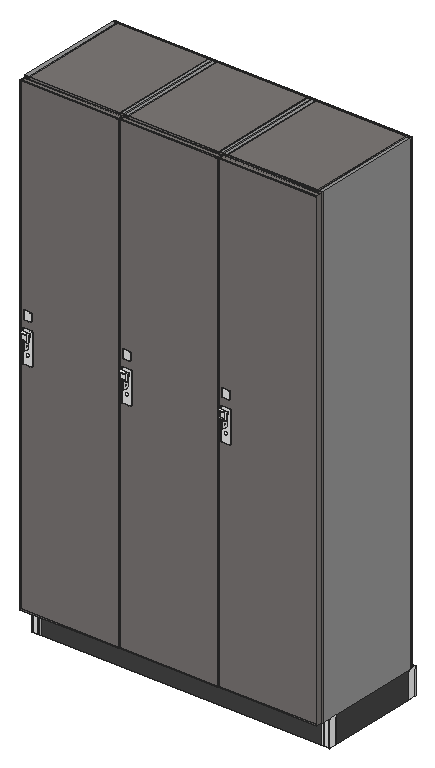
Revit family "Wood_Lockers_Hasps-Salsbury_Industries-15_41000_Series-3_Wide_Units.rfa", category Specialty Equipment, Revit 2016 (continued)
Definition of nested family "Wood Locker Flat Corner Fillers"
  Forms (in)
    Extrusion 2, solid, material <- "Laminate Surface", visible <- "Visible"
      from -0.031 to 0
  Dimensions and locks (in)
    equal spacing: plane 6 "Front Side", plane 1 "Center (Front/Back)", plane 7 "Back Side"
    equal spacing: plane 5 "Left Side", plane 3 "Center (Left/Right)", plane 4 "Right Side"
    "Width": plane 5 "Left Side" to plane 4 "Right Side"
    "Depth": plane 6 "Front Side" to plane 7 "Back Side"
    "Height": plane 9 "Top Side" to plane 8 "Bottom"
    locked: plane 9 "Top Side" to plane 10 "Wood - Laminate Line" at 0.031
    locked: plane 6 "Front Side" to plane 12 at 3
    locked: plane 5 "Left Side" to plane 11 at 3
    plane 12 to plane 7 "Back Side" = 13.875"
    aligned and locked: level to plane 2
  Automatic sketch dimensions
    Extrusion 2 sketch curve to plane 5 "Left Side" = 0.000"
    plane 6 "Front Side" to Extrusion 2 sketch curve = 0.000"
    Extrusion 2 sketch curve to plane 11 = 0.000"
    Extrusion 2 sketch curve to plane 4 "Right Side" = 0.000"
    Extrusion 2 sketch curve to plane 12 = 0.000"
    plane 7 "Back Side" to Extrusion 2 sketch curve = 0.000"
    Extrusion 1 sketch curve to plane 5 "Left Side" = 0.000"
    plane 7 "Back Side" to Extrusion 1 sketch curve = 0.000"
    Extrusion 1 sketch curve to plane 12 = 0.000"
    Extrusion 1 sketch curve to plane 4 "Right Side" = 0.000"
    plane 6 "Front Side" to Extrusion 1 sketch curve = 0.000"
    Extrusion 1 sketch curve to plane 11 = 0.000"
Definition of nested family "Wood Locker Front Fillers"
  Parameters (values of type "33367 - 15" W for 6'H Lockers without Base")
    Width = 15.000"
    Visible Base = no
    Visible = yes
    Version = "1.0 (2/29/16)"
    Type Comments = "Front Vertical Filler for Designer Wood Lockers"
    Model = "33367"
    Manufacturer = "Salsbury Industries"
    Laminate Surface = none
    Height = 72.000"
    Description = "For 6' H Lockers"
    Depth = 0.750"
    Base Height = 0.000"
  Types (18): name | Width | Visible Base | Visible | Version | Type Comments | Model | Manufacturer | Height | Description | Base Height
    (no name) | 15.000" | no | yes | "1.0 (2/29/16)" | "Front Vertical Filler for Designer Wood Lockers" | "33367" | "Salsbury Industries" | 72.000" | "For 6' H Lockers" | 0.000"
    33367 - 15"W for 6' H Lockers with Base | 15.000" | yes | yes | "1.0 (2/29/16)" | "Front Vertical Filler for Designer Wood Lockers" | "33367" | "Salsbury Industries" | 72.000" | "For 6' H Lockers" | 4.000"
    None | 15.000" | no | no | "" | "" | "" | "" | 72.000" | "" | 4.000"
    33369 - 9" W for 6' H Lockers with Base | 9.000" | yes | yes | "1.0 (2/29/16)" | "Front Vertical Filler for Designer Wood Lockers" | "33369" | "Salsbury Industries" | 72.000" | "For 6' H Lockers" | 4.000"
    33367 - 15" W for 5' H Lockers with Base | 15.000" | yes | yes | "1.0 (2/29/16)" | "Front Vertical Filler for Designer Wood Lockers" | "33367" | "Salsbury Industries" | 60.000" | "For 5' H Lockers" | 4.000"
    33369 - 9" W for 5' H Lockers with Base | 9.000" | yes | yes | "1.0 (2/29/16)" | "Front Vertical Filler for Designer Wood Lockers" | "33369" | "Salsbury Industries" | 60.000" | "For 5' H Lockers" | 4.000"
    22265 - 15" W for 6' H Lockers with Base | 15.000" | yes | yes | "1.0 (2/29/16)" | "Front Vertical Filler for Extra Wide Designer Wood Lockers" | "22265" | "Salsbury Industries" | 72.000" | "For 6' H Lockers" | 4.000"
    22265 - 15" W for 5' H Lockers with Base | 15.000" | yes | yes | "1.0 (2/29/16)" | "Front Vertical Filler for Extra Wide Designer Wood Lockers" | "22265" | "Salsbury Industries" | 60.000" | "For 5' H Lockers" | 4.000"
    22269 - 9" W for 6' H Lockers with Base | 9.000" | yes | yes | "1.0 (2/29/16)" | "Front Vertical Filler for Extra Wide Designer Wood Lockers" | "22269" | "Salsbury Industries" | 72.000" | "For 6' H Lockers" | 4.000"
    22269 - 9" W for 5' H Lockers with Base | 9.000" | yes | yes | "1.0 (2/29/16)" | "Front Vertical Filler for Extra Wide Designer Wood Lockers" | "22269" | "Salsbury Industries" | 60.000" | "For 5' H Lockers" | 4.000"
    33367 - 15" W for 6'H Lockers without Base | 15.000" | no | yes | "1.0 (2/29/16)" | "Front Vertical Filler for Designer Wood Lockers" | "33367" | "Salsbury Industries" | 72.000" | "For 6' H Lockers" | 0.000"
    33367 - 15" W for 5' H Lockers without Base | 15.000" | no | yes | "1.0 (2/29/16)" | "Front Vertical Filler for Designer Wood Lockers" | "33367" | "Salsbury Industries" | 60.000" | "For 5' H Lockers" | 0.000"
    33369 - 9" W for 5' H Lockers without Base | 9.000" | no | yes | "1.0 (2/29/16)" | "Front Vertical Filler for Designer Wood Lockers" | "33369" | "Salsbury Industries" | 60.000" | "For 5' H Lockers" | 0.000"
    33369 - 9" W for 6' H Lockers without Base | 9.000" | no | yes | "1.0 (2/29/16)" | "Front Vertical Filler for Designer Wood Lockers" | "33369" | "Salsbury Industries" | 72.000" | "For 6' H Lockers" | 0.000"
    22269 - 9" W for 6' H Lockers without Base | 9.000" | no | yes | "1.0 (2/29/16)" | "Front Vertical Filler for Extra Wide Designer Wood Lockers" | "22269" | "Salsbury Industries" | 72.000" | "For 6' H Lockers" | 0.000"
    22269 - 9" W for 5' H Lockers without Base | 9.000" | no | yes | "1.0 (2/29/16)" | "Front Vertical Filler for Extra Wide Designer Wood Lockers" | "22269" | "Salsbury Industries" | 60.000" | "For 5' H Lockers" | 0.000"
    22265 - 15" W for 6' H Lockers without Base | 15.000" | no | yes | "1.0 (2/29/16)" | "Front Vertical Filler for Extra Wide Designer Wood Lockers" | "22265" | "Salsbury Industries" | 72.000" | "For 6' H Lockers" | 0.000"
    22265 - 15" W for 5' H Lockers without Base | 15.000" | no | yes | "1.0 (2/29/16)" | "Front Vertical Filler for Extra Wide Designer Wood Lockers" | "22265" | "Salsbury Industries" | 60.000" | "For 5' H Lockers" | 0.000"
  Reference planes (in)
    plane 1 "Center (Front/Back)": y = 0
    plane 2: z = 0
    plane 3 "Center (Left/Right)": x = 0
    plane 4 "Back": y = 0.375
    plane 5 "Front": y = -0.375
    plane 6 "Left Side": x = -7.5
    plane 7 "Right Side": x = 7.5
    plane 8 "Bottom": z = 0
    plane 9 "Top": z = 72
    plane 10 "Center Elevation": z = 36
    plane 11 "Wood - Laminate Edge": y = -0.344
    plane 12 "Right Side of Wood": x = 7.375
    plane 13 "Left Side of Wood": x = -7.375
    plane 14 "Top of Wood": z = 71.875
    plane 15 "Bottom of Wood": z = 0.125
    plane 16 "Front of Base Filler": y = 1
  Forms (in)
    Extrusion 1, solid, visible <- "Visible"
      sketch origin (0, 0.375, 0) x (1, 0, 0) y (0, 0, 1)
        loop
          line (7.5, 72) -> (-7.5, 72) -> (-7.5, 0) -> (7.5, 0) -> (7.5, 72)
      from 0 to 0.719
    Extrusion 2, solid, material <- "Laminate Surface", visible <- "Visible"
      sketch origin (0, -0.375, 0) x (1, 0, 0) y (0, 0, 1)
        loop
          line (-7.5, 72) -> (-7.5, 0) -> (7.5, 0) -> (7.5, 72) -> (-7.5, 72)
      from -0.031 to 0
    Extrusion 3, solid, visible <- "Visible Base"
      sketch origin (0, 0, 0) x (1, 0, 0) y (0, 1, 0)
        loop
          line (-7.5, 1.75) -> (-7.5, 0.375) -> (7.5, 0.375) -> (7.5, 1.75) -> (-7.5, 1.75)
      from 0 to 0.75
    Extrusion 4, solid, visible <- "Visible Base"
      sketch origin (0, 0, 0) x (1, 0, 0) y (0, 1, 0)
        loop
          line (-7.5, 1.75) -> (-7.5, 1) -> (7.5, 1) -> (7.5, 1.75) -> (-7.5, 1.75)
      from 0 to -4
  Dimensions and locks (in)
    equal spacing: plane 6 "Left Side", plane 3 "Center (Left/Right)", plane 7 "Right Side"
    plane 5 "Front" to plane 1 "Center (Front/Back)" to plane 4 "Back" = 0.375", 0.375"
    "Width": plane 6 "Left Side" to plane 7 "Right Side"
    "Depth": plane 5 "Front" to plane 4 "Back"
    equal spacing: plane 9 "Top", plane 10 "Center Elevation", plane 8 "Bottom"
    locked: plane 5 "Front" to plane 11 "Wood - Laminate Edge" at 0.031
    locked: plane 15 "Bottom of Wood" to plane 8 "Bottom" at 0.125
    locked: plane 12 "Right Side of Wood" to plane 7 "Right Side" at 0.125
    locked: plane 6 "Left Side" to plane 13 "Left Side of Wood" at 0.125
    locked: plane 9 "Top" to plane 14 "Top of Wood" at 0.125
    locked: plane 5 "Front" to plane 16 "Front of Base Filler" at 1.375
    "Base Height": plane 8 "Bottom" to plane 2
    "Height": plane 9 "Top" to plane 8 "Bottom"
    aligned and locked: level to plane 2
    aligned and locked: plane 8 "Bottom" to Extrusion 1
  Automatic sketch dimensions
    plane 6 "Left Side" to Extrusion 1 sketch curve = 0.000"
    plane 7 "Right Side" to Extrusion 1 sketch curve = 0.000"
    level to Extrusion 1 sketch curve = 0.000"
    Extrusion 1 sketch curve to plane 9 "Top" = 0.000"
    plane 6 "Left Side" to Extrusion 2 sketch curve = 0.000"
    plane 7 "Right Side" to Extrusion 2 sketch curve = 0.000"
    plane 15 "Bottom of Wood" to Extrusion 2 sketch curve = 0.125"
    Extrusion 2 sketch curve to plane 9 "Top" = 0.000"
    plane 4 "Back" to Extrusion 3 sketch curve = 0.000"
    Extrusion 3 sketch curve to plane 6 "Left Side" = 0.000"
    Extrusion 3 sketch curve to plane 7 "Right Side" = 0.000"
    Extrusion 3 sketch curve to plane 16 "Front of Base Filler" = 0.750"
    Extrusion 4 sketch curve to plane 6 "Left Side" = 0.000"
    Extrusion 4 sketch curve to plane 7 "Right Side" = 0.000"
    plane 16 "Front of Base Filler" to Extrusion 4 sketch curve = 0.000"
    Extrusion 4 sketch curve to plane 16 "Front of Base Filler" = 0.750"
Definition of nested family "Wood Locker Front Corner Filler"
  Parameters (values of type "44464 - for 6' H Lockers with Base")
    Width = 2.250"
    Visible Base = yes
    Visible = yes
    Version = "1.0 (12/15/23)"
    Type Comments = "Front Vertical Corner Filler for Designer Wood Lockers"
    Primary Structure Materials = none
    Model = "44464"
    Manufacturer = "Salsbury Industries"
    Laminate Surface = none
    Height = 72.000"
    Description = "For 6' H Lockers"
    Depth = 0.750"
    Base Primary Materials = none
    Base Height = 4.000"
  Types (3): name | Visible Base | Visible | Version | Type Comments | Model | Manufacturer | Description | Base Height
    None | no | no | "" | "" | "" | "" | "" | 4.000"
    44464 - for 6'H Lockers without Base | no | yes | "1.0 (12/15/23)" | "Front Vertical Corner Filler for Designer Wood Lockers" | "44464" | "Salsbury Industries" | "For 6' H Lockers" | 0.000"
    44464 - for 6' H Lockers with Base | yes | yes | "1.0 (12/15/23)" | "Front Vertical Corner Filler for Designer Wood Lockers" | "44464" | "Salsbury Industries" | "For 6' H Lockers" | 4.000"
  Reference planes (in)
    plane 1 "Center (Front/Back)": y = 0
    plane 2 "Bottom of Base": z = 0
    plane 3 "Center (Left/Right)": x = 0
    plane 4 "Back": y = 0.375
    plane 5 "Front": y = -0.375
    plane 6 "Left Side": x = -1.125
    plane 7 "Right Side": x = 1.125
    plane 8 "Bottom": z = 4
    plane 9 "Top": z = 76
    plane 10 "Center Elevation": z = 40
    plane 11 "Wood - Laminate Edge": y = -0.344
    plane 12 "Right Side of Wood": x = 1
    plane 13 "Left Side of Wood": x = -1
    plane 14 "Top of Wood": z = 75.875
    plane 15 "Bottom of Wood": z = 4.125
    plane 16 "Front of Base Filler": y = 1
  Forms (in)
    Extrusion 1, solid, material <- "Primary Structure Materials", visible <- "Visible"
      sketch origin (0, 0.375, 0) x (1, 0, 0) y (0, 0, 1)
        loop
          line (1.125, 76) -> (-1.156, 76) -> (-1.156, 4) -> (1.125, 4) -> (1.125, 76)
      from 0 to 0.719
    Extrusion 2, solid, material <- "Laminate Surface", visible <- "Visible"
      sketch origin (0, -0.375, 0) x (1, 0, 0) y (0, 0, 1)
        loop
          line (-1.125, 76) -> (-1.125, 4) -> (1.125, 4) -> (1.125, 76) -> (-1.125, 76)
      from -0.031 to 0
    Extrusion 3, solid, material <- "Primary Structure Materials", visible <- "Visible"
      sketch origin (-1.875, -1.5, 0) x (0, 1, 0) y (0, 0, 1)
        loop
          line (1.875, 76) -> (-1.125, 76) -> (-1.125, 4) -> (1.875, 4) -> (1.875, 76)
      from 0 to 0.719
    Extrusion 4, solid, material <- "Laminate Surface", visible <- "Visible"
      sketch origin (-1.125, -1.5, 0) x (0, 1, 0) y (0, 0, 1)
        loop
          line (-1.125, 76) -> (-1.125, 4) -> (1.156, 4) -> (1.156, 76) -> (-1.125, 76)
      from -0.031 to 0
    Extrusion 5, solid, material <- "Base Primary Materials", visible <- "Visible Base"
      sketch origin (0, 0, 0) x (1, 0, 0) y (0, 1, 0)
        loop
          line (-3.25, 1.75) -> (-3.25, -2.625) -> (-1.875, -2.625) -> (-1.875, 1.75) -> (-3.25, 1.75)
      from 4 to 4.75
    Extrusion 6, solid, material <- "Base Primary Materials", visible <- "Visible Base"
      sketch origin (0, 0, 0) x (1, 0, 0) y (0, 1, 0)
        loop
          line (-1.875, 1.75) -> (-1.875, 0.375) -> (1.125, 0.375) -> (1.125, 1.75) -> (-1.875, 1.75)
      from 4 to 4.75
    Extrusion 7, solid, material <- "Base Primary Materials", visible <- "Visible Base"
      sketch origin (0, 0, 0) x (1, 0, 0) y (0, 1, 0)
        loop
          line (1.125, 1.75) -> (-2.43407, 1.75) -> (-2.43407, 1) -> (1.125, 1) -> (1.125, 1.75)
      from 0 to 4
    Extrusion 8, solid, material <- "Base Primary Materials", visible <- "Visible Base"
      sketch origin (0, 0, 0) x (1, 0, 0) y (0, 1, 0)
        loop
          line (-3.25, 1.75) -> (-3.25, -2.625) -> (-2.43407, -2.625) -> (-2.43407, 1.75) -> (-3.25, 1.75)
      from 0 to 4
  Dimensions and locks (in)
    equal spacing: plane 6 "Left Side", plane 3 "Center (Left/Right)", plane 7 "Right Side"
    plane 5 "Front" to plane 1 "Center (Front/Back)" to plane 4 "Back" = 0.375", 0.375"
    "Width": plane 6 "Left Side" to plane 7 "Right Side"
    "Depth": plane 5 "Front" to plane 4 "Back"
    equal spacing: plane 9 "Top", plane 10 "Center Elevation", plane 8 "Bottom"
    "Height": plane 9 "Top" to plane 8 "Bottom"
    locked: plane 5 "Front" to plane 11 "Wood - Laminate Edge" at 0.031
    locked: plane 15 "Bottom of Wood" to plane 8 "Bottom" at 0.125
    locked: plane 12 "Right Side of Wood" to plane 7 "Right Side" at 0.125
    locked: plane 6 "Left Side" to plane 13 "Left Side of Wood" at 0.125
    locked: plane 9 "Top" to plane 14 "Top of Wood" at 0.125
    locked: plane 5 "Front" to plane 16 "Front of Base Filler" at 1.375
    "Base Height": plane 8 "Bottom" to plane 2 "Bottom of Base"
    aligned and locked: level to plane 2 "Bottom of Base"
    aligned and locked: plane 8 "Bottom" to Extrusion 1
    aligned and locked: Extrusion 7 to Extrusion 5
    aligned and locked: Extrusion 8 to Extrusion 5
    aligned and locked: Extrusion 7 to Extrusion 8
  Automatic sketch dimensions
    Extrusion 1 sketch curve to plane 9 "Top" = 0.000"
    Extrusion 1 sketch curve to plane 8 "Bottom" = 0.000"
    plane 7 "Right Side" to Extrusion 1 sketch curve = 0.000"
    plane 6 "Left Side" to Extrusion 1 sketch curve = 0.031"
    plane 6 "Left Side" to Extrusion 2 sketch curve = 0.000"
    plane 7 "Right Side" to Extrusion 2 sketch curve = 0.000"
    Extrusion 2 sketch curve to plane 8 "Bottom" = 0.000"
    Extrusion 2 sketch curve to plane 9 "Top" = 0.000"
    plane 9 "Top" to Extrusion 3 sketch curve = 0.000"
    plane 8 "Bottom" to Extrusion 3 sketch curve = 0.000"
    Extrusion 3 sketch curve to plane 4 "Back" = 0.000"
    plane 5 "Front" to Extrusion 3 sketch curve = 2.250"
    plane 8 "Bottom" to Extrusion 4 sketch curve = 0.000"
    plane 9 "Top" to Extrusion 4 sketch curve = 0.000"
    Extrusion 4 sketch curve to plane 11 "Wood - Laminate Edge" = 0.000"
    plane 5 "Front" to Extrusion 4 sketch curve = 2.250"
    plane 6 "Left Side" to Extrusion 5 sketch curve = 2.125"
    plane 6 "Left Side" to Extrusion 5 sketch curve = 0.750"
    plane 5 "Front" to Extrusion 5 sketch curve = 2.250"
    Extrusion 5 sketch curve to plane 16 "Front of Base Filler" = 0.750"
    plane 16 "Front of Base Filler" to Extrusion 7 sketch curve = 0.000"
    Extrusion 7 sketch curve to plane 7 "Right Side" = 0.000"
    plane 6 "Left Side" to Extrusion 7 sketch curve = 1.30907"
    Extrusion 7 sketch curve to plane 16 "Front of Base Filler" = 0.750"
    plane 6 "Left Side" to Extrusion 8 sketch curve = 2.125"
    Extrusion 8 sketch curve to Extrusion 8 sketch curve = 0.81593"
    plane 5 "Front" to Extrusion 8 sketch curve = 2.250"
    Extrusion 8 sketch curve to plane 16 "Front of Base Filler" = 0.750"
    plane 4 "Back" to Extrusion 6 sketch curve = 0.000"
    Extrusion 6 sketch curve to plane 7 "Right Side" = 0.000"
    plane 6 "Left Side" to Extrusion 6 sketch curve = 0.750"
    Extrusion 6 sketch curve to plane 16 "Front of Base Filler" = 0.750"
Definition of nested family "Wood Locker Flat In-Line Fillers"
  Parameters (values of type "44448 - 15" W for 18" D Lockers")
    Width = 15.000"
    Visible = yes
    Version = "1.0 (12/15/23)"
    Type Comments = "Flat Top In-Line Filler for Premier Wood Lockers"
    Model = "44448"
    Manufacturer = "Salsbury Industries"
    Laminate Surface = none
    Height = 0.750"
    Description = "For 18\" D Lockers"
    Depth = 16.875"
  Types (10): name | Width | Visible | Version | Type Comments | Model | Manufacturer | Description | Depth
    (no name) | 15.000" | yes | "1.0 (12/15/23)" | "Flat Top In-Line Filler for Premier Wood Lockers" | "44448" | "Salsbury Industries" | "For 18\" D Lockers" | 16.875"
    44447 - 15" W for 15" D Lockers | 15.000" | yes | "1.0 (12/15/23)" | "Flat Top In-Line Filler for Premier Wood Lockers" | "44447" | "Salsbury Industries" | "For 15\" D Lockers" | 13.875"
    44448 - 15" W for 18" D Lockers | 15.000" | yes | "1.0 (12/15/23)" | "Flat Top In-Line Filler for Premier Wood Lockers" | "44448" | "Salsbury Industries" | "For 18\" D Lockers" | 16.875"
    44441 - 15" W for 21" D Lockers | 15.000" | yes | "1.0 (12/15/23)" | "Flat Top In-Line Filler for Premier Wood Lockers" | "44441" | "Salsbury Industries" | "For 21\" D Lockers" | 19.875"
    None | 15.000" | no | "" | "" | "" | "" | "" | 13.250"
    44448 - 9" W for 18" D Lockers | 9.000" | yes | "1.0 (12/15/23)" | "Flat Top In-Line Filler for Premier Wood Lockers" | "44448" | "Salsbury Industries" | "For 18\" D Lockers" | 16.875"
    44447 - 9" W for 15" D Lockers | 9.000" | yes | "1.0 (12/15/23)" | "Flat Top In-Line Filler for Premier Wood Lockers" | "44447" | "Salsbury Industries" | "For 15\" D Lockers" | 13.875"
    44441 - 9" W for 21" D Lockers | 9.000" | yes | "1.0 (12/15/23)" | "Flat Top In-Line Filler for Premier Wood Lockers" | "44441" | "Salsbury Industries" | "For 21\" D Lockers" | 19.875"
    44449 - 15" W for 24" D Lockers | 15.000" | yes | "1.0 (12/15/23)" | "Flat Top In-Line Filler for Premier Wood Lockers" | "44449" | "Salsbury Industries" | "For 24\" D Lockers" | 22.875"
    44449 - 9" W for 24" D Lockers | 9.000" | yes | "1.0 (12/15/23)" | "Flat Top In-Line Filler for Premier Wood Lockers" | "44449" | "Salsbury Industries" | "For 24\" D Lockers" | 22.875"
  Reference planes (in)
    plane 1 "Center (Front/Back)": y = 0
    plane 2: z = 0
    plane 3 "Center (Left/Right)": x = 0
    plane 4 "Right Side": x = 7.5
    plane 5 "Left Side": x = -7.5
    plane 6 "Front Side": y = -8.4375
    plane 7 "Back Side": y = 8.4375
    plane 8 "Bottom": z = 0
    plane 9 "Top Side": z = 0.75
    plane 10 "Wood - Laminate Line": z = 0.719
  Forms (in)
    Extrusion 1, solid, visible <- "Visible"
      sketch origin (0, 0, 0) x (0, -1, 0) y (1, 0, 0)
        loop
          line (-8.4375, -7.5) -> (8.4375, -7.5) -> (8.4375, 7.5) -> (-8.4375, 7.5) -> (-8.4375, -7.5)
      from 0 to 0.719
    Extrusion 2, solid, material <- "Laminate Surface", visible <- "Visible"
      sketch origin (0, 0, 0.75) x (1, 0, 0) y (0, 1, 0)
        loop
          line (-7.5, -8.4375) -> (7.5, -8.4375) -> (7.5, 8.4375) -> (-7.5, 8.4375) -> (-7.5, -8.4375)
      from -0.031 to 0
  Dimensions and locks (in)
    equal spacing: plane 6 "Front Side", plane 1 "Center (Front/Back)", plane 7 "Back Side"
    equal spacing: plane 5 "Left Side", plane 3 "Center (Left/Right)", plane 4 "Right Side"
    "Width": plane 5 "Left Side" to plane 4 "Right Side"
    "Depth": plane 6 "Front Side" to plane 7 "Back Side"
    "Height": plane 9 "Top Side" to plane 8 "Bottom"
    locked: plane 9 "Top Side" to plane 10 "Wood - Laminate Line" at 0.031
    aligned and locked: level to plane 2
  Automatic sketch dimensions
    Extrusion 1 sketch curve to plane 4 "Right Side" = 0.000"
    plane 7 "Back Side" to Extrusion 1 sketch curve = 0.000"
    Extrusion 1 sketch curve to plane 5 "Left Side" = 0.000"
    plane 6 "Front Side" to Extrusion 1 sketch curve = 0.000"
    Extrusion 2 sketch curve to plane 5 "Left Side" = 0.000"
    plane 4 "Right Side" to Extrusion 2 sketch curve = 0.000"
    plane 6 "Front Side" to Extrusion 2 sketch curve = 0.000"
    Extrusion 2 sketch curve to plane 7 "Back Side" = 0.000"
Definition of nested family "Wood Locker Fascia Fillers"
  Parameters (values of type "44462 - for 3-Wide Units")
    Width = 36.000"
    Visible = yes
    Type Comments = "Front Fascia Filler for Premier Wood Lockers"
    Model = "44462"
    Manufacturer = "Salsbury Industries"
    Laminate Surface = none
    Height = 4.000"
    Description = "4' W for Standard Designer Lockers"
    Depth = 0.750"
  Types (4): name | Width | Visible | Type Comments | Model | Manufacturer | Description
    (no name) | 36.000" | yes | "Front Fascia Filler for Premier Wood Lockers" | "44462" | "Salsbury Industries" | "4' W for Standard Designer Lockers"
    44462 - for 1-Wide Units | 12.000" | yes | "Front Fascia Filler for Premier Wood Lockers" | "44462" | "Salsbury Industries" | "4' W for Standard Designer Lockers"
    None | 12.000" | no | "" | "" | "" | ""
    44462 - for 3-Wide Units | 36.000" | yes | "Front Fascia Filler for Premier Wood Lockers" | "44462" | "Salsbury Industries" | "4' W for Standard Designer Lockers"
  Reference planes (in)
    plane 1 "Center (Front/Back)": y = 0
    plane 2: z = 0
    plane 3 "Center (Left/Right)": x = 0
    plane 4 "Back": y = 0.375
    plane 5 "Front": y = -0.375
    plane 6 "Left Side": x = -18
    plane 7 "Right Side": x = 18
    plane 8 "Bottom": z = 0
    plane 9 "Top": z = 4
    plane 10 "Center Elevation": z = 2
    plane 11 "Wood - Laminate Edge": y = -0.344
    plane 12 "Right Side of Wood": x = 17.875
    plane 13 "Left Side of Wood": x = -17.875
    plane 14 "Top of Wood": z = 3.875
    plane 15 "Bottom of Wood": z = 0.125
    plane 16 "Base Bottom": z = 0
    plane 17 "Front of Base Filler": y = 1
  Forms (in)
    Extrusion 1, solid, visible <- "Visible"
      sketch origin (0, 0.375, 0) x (1, 0, 0) y (0, 0, 1)
        loop
          line (18, 4) -> (-18, 4) -> (-18, 0) -> (18, 0) -> (18, 4)
      from 0 to 0.719
    Extrusion 2, solid, material <- "Laminate Surface", visible <- "Visible"
      sketch origin (0, -0.375, 0) x (1, 0, 0) y (0, 0, 1)
        loop
          line (-18, 4) -> (-18, 0) -> (18, 0) -> (18, 4) -> (-18, 4)
      from -0.031 to 0
  Dimensions and locks (in)
    equal spacing: plane 6 "Left Side", plane 3 "Center (Left/Right)", plane 7 "Right Side"
    plane 5 "Front" to plane 1 "Center (Front/Back)" to plane 4 "Back" = 0.375", 0.375"
    "Width": plane 6 "Left Side" to plane 7 "Right Side"
    "Depth": plane 5 "Front" to plane 4 "Back"
    equal spacing: plane 9 "Top", plane 10 "Center Elevation", plane 8 "Bottom"
    "Height": plane 9 "Top" to plane 8 "Bottom"
    locked: plane 5 "Front" to plane 11 "Wood - Laminate Edge" at 0.031
    locked: plane 15 "Bottom of Wood" to plane 8 "Bottom" at 0.125
    locked: plane 12 "Right Side of Wood" to plane 7 "Right Side" at 0.125
    locked: plane 6 "Left Side" to plane 13 "Left Side of Wood" at 0.125
    locked: plane 9 "Top" to plane 14 "Top of Wood" at 0.125
    locked: plane 5 "Front" to plane 17 "Front of Base Filler" at 1.375
    aligned and locked: level to plane 2
    aligned and locked: Extrusion 1 to plane 8 "Bottom"
  Automatic sketch dimensions
    plane 6 "Left Side" to Extrusion 1 sketch curve = 0.000"
    plane 7 "Right Side" to Extrusion 1 sketch curve = 0.000"
    level to Extrusion 1 sketch curve = 0.000"
    Extrusion 1 sketch curve to plane 9 "Top" = 0.000"
    plane 6 "Left Side" to Extrusion 2 sketch curve = 0.000"
    plane 7 "Right Side" to Extrusion 2 sketch curve = 0.000"
    plane 15 "Bottom of Wood" to Extrusion 2 sketch curve = 0.125"
    Extrusion 2 sketch curve to plane 9 "Top" = 0.000"
Definition of nested family "Wood Locker Sloping Hoods"
  Parameters (values of type "44257 - for 24" Deep Lockers (3 Wide)")
    Width = 45.000"
    Visible = yes
    Version = "1.0 (12/15/23)"
    Type Comments = "Sloping Hood for Premier Wod Lockers"
    Model = "44257"
    Manufacturer = "Salsbury Industries"
    Laminate Surface = none
    Height = 9.118"
    Description = "For 24\" D - 3 Wide Lockers"
    Depth = 23.625"
  Types (20): name | Width | Visible | Version | Type Comments | Model | Manufacturer | Height | Description | Depth
    (no name) | 45.000" | yes | "1.0 (12/15/23)" | "Sloping Hood for Premier Wod Lockers" | "44257" | "Salsbury Industries" | 9.118" | "For 24\" D - 3 Wide Lockers" | 23.625"
    44357 - for 15" Deep Lockers (1 Wide) | 12.000" | yes | "1.0 (12/15/23)" | "Sloping Hood for Premier Wood Lockers" | "44357" | "Salsbury Industries" | 5.743" | "For 15\" D - 1 Wide Lockers" | 14.625"
    44353 - for 18" Deep Lockers (1 Wide) | 12.000" | yes | "1.0 (12/15/23)" | "Sloping Hood for Premier Wood Lockers" | "44353" | "Salsbury Industries" | 6.868" | "For 18\" D - 1 Wide Lockers" | 17.625"
    44352 - for 21" Deep Lockers (1 Wide) | 12.000" | yes | "1.0 (12/15/23)" | "Sloping Hood for Premier Wood Lockers" | "44352" | "Salsbury Industries" | 7.993" | "For 21\" D - 1 Wide Lockers" | 20.625"
    44359 - for 15" Deep Lockers (3 Wide) | 36.000" | yes | "1.0 (12/15/23)" | "Sloping Hood for Premier Wood Lockers" | "44359" | "Salsbury Industries" | 5.743" | "For 15\" D - 3 Wide Lockers" | 14.625"
    44356 - for 18" Deep Lockers (3 Wide) | 36.000" | yes | "1.0 (12/15/23)" | "Sloping Hood for Premier Wood Lockers" | "44356" | "Salsbury Industries" | 6.868" | "For 18\" D - 3 Wide Lockers" | 17.625"
    44354 - for 21" Deep Lockers (3 Wide) | 36.000" | yes | "1.0 (12/15/23)" | "Sloping Hood for Premier Wood Lockers" | "44354" | "Salsbury Industries" | 7.993" | "For 21\" D - 3 Wide Lockers" | 20.625"
    44255 - for 24" Deep Lockers (1 Wide) | 15.000" | yes | "1.0 (12/15/23)" | "Sloping Hood for Premier Wood Lockers" | "44255" | "Salsbury Industries" | 9.118" | "For 24\" D - 1 Wood Lockers" | 23.625"
    44257 - for 24" Deep Lockers (3 Wide) | 45.000" | yes | "1.0 (12/15/23)" | "Sloping Hood for Premier Wod Lockers" | "44257" | "Salsbury Industries" | 9.118" | "For 24\" D - 3 Wide Lockers" | 23.625"
    44252 - for 21" Deep Lockers (1 Wide) | 15.000" | yes | "1.0 (12/15/23)" | "Sloping Hood for 15\" Wide Premier Wood Lockers" | "44252" | "Salsbury Industries" | 7.993" | "For 21\" D - 1 Wide Lockers" | 20.625"
    44254 - for 21" Deep Lockers (3 Wide) | 45.000" | yes | "1.0 (12/15/23)" | "Sloping Hood for 15\" Wide Premier Wood Lockers" | "44254" | "Salsbury Industries" | 7.993" | "For 21\" D - 3 Wide Lockers" | 20.625"
    44251 - for 18" Deep Lockers (1 Wide) | 15.000" | yes | "1.0 (12/15/23)" | "Sloping Hood for 15\"Wide Premier Wood Lockers" | "44251" | "Salsbury Industries" | 6.868" | "For 18\" D - 1 Wide Lockers" | 17.625"
    44253 - for 18" Deep Lockers (3 Wide) | 45.000" | yes | "1.0 (12/15/23)" | "Sloping Hood for 15\" Wide Premier Wood Lockers" | "44253" | "Salsbury Industries" | 6.868" | "For 18\" D - 3 Wide Lockers" | 17.625"
    None | 12.000" | no | "" | "" | "" | "" | 5.743" | "" | 14.625"
    44818 - for 18" Deep Lockers (1 Wide) | 18.000" | yes | "1.0 (12/15/23)" | "Sloping Hood for Premier Wood Lockers" | "44818" | "Salsbury Industries" | 6.868" | "For 18\" D - 1 Wide Lockers" | 17.625"
    44811 - for 21" Deep Lockers (1 Wide) | 18.000" | yes | "1.0 (12/15/23)" | "Sloping Hood for Premier Wood Lockers" | "44811" | "Salsbury Industries" | 7.993" | "For 21\" D - 1 Wide Lockers" | 20.625"
    44814 - for 24" Deep Lockers (1 Wide) | 18.000" | yes | "1.0 (12/15/23)" | "Sloping Hood for Premier Wood Lockers" | "44814" | "Salsbury Industries" | 9.118" | "For 24\" D - 1 Wide Lockers" | 23.625"
    44838 - for 18" Deep Lockers (3 Wide) | 54.000" | yes | "1.0 (12/15/23)" | "Sloping Hood for Premier Wood Lockers" | "44838" | "Salsbury Industries" | 6.868" | "For 18\" D - 3 Wide Lockers" | 17.625"
    44831 - for 21" Deep Lockers (3 Wide) | 54.000" | yes | "1.0 (12/15/23)" | "Sloping Hood for Premier Wood Lockers" | "44831" | "Salsbury Industries" | 7.993" | "For 21\" D - 3 Wide Lockers" | 20.625"
    44834 - for 24" Deep Lockers (3 Wide) | 54.000" | yes | "1.0 (12/15/23)" | "Sloping Hood for Premier Wood Lockers" | "834" | "Salsbury Industries" | 9.118" | "For 24\" D - 3 Wide Lockers" | 23.625"
  Reference planes (in)
    plane 1 "Center (Front/Back)": y = 0
    plane 2: z = 0
    plane 3 "Center (Left/Right)": x = 0
    plane 4 "Front of Hood": y = -11.8125
    plane 5 "Back of Hood": y = 11.8125
    plane 6 "Right Side of Hood": x = 22.5
    plane 7 "Left Side of Hood": x = -22.5
    plane 8 "Bottom of Hood": z = 0
    plane 9 "Top of Hood": z = 9.118
    plane 10: x = 21.75
    plane 11: x = -21.75
    plane 12: y = -11.7815
    plane 13: y = -11.0625
    plane 14: z = 9.087
    plane 15: z = 8.368
    plane 16: z = 0.062
    plane 17: z = 0.75
  Forms (in)
    Extrusion 1, solid, visible <- "Visible"
      sketch origin (22.5, 0.37227, 0) x (0, -1, 0) y (0, 0, 1)
        loop
          line (-0.26039, 4.07368) -> (-0.26039, 0) -> (0.37227, 0) -> (0.37227, 3.83066) -> (-0.26039, 4.07368)
      from 0 to 45
    Extrusion 2, solid, visible <- "Visible"
      sketch origin (0, 0, 0) x (0, 1, 0) y (0, 0, 1)
        loop
          line (-9.97273, 0) -> (11.8125, 8.368) -> (11.8125, 9.087) -> (-11.73269, 0.062) -> (-11.7815, 0.062) -> (-11.7815, 0) -> (-9.97273, 0)
      from -22.5 to 22.5
    Extrusion 3, solid, material <- "Laminate Surface", visible <- "Visible"
      sketch origin (0, 0, 0) x (0, 1, 0) y (0, 0, 1)
        loop
          line (-11.8125, 0.062) -> (-11.8125, 0) -> (-11.7815, 0) -> (-11.7815, 0.062) -> (-11.8125, 0.062)
      from -22.5 to 22.5
    Extrusion 4, solid, material <- "Laminate Surface", visible <- "Visible"
      sketch origin (0, 0, 0) x (0, 1, 0) y (0, 0, 1)
        loop
          line (11.8125, 9.118) -> (-11.8125, 0.062) -> (-11.73269, 0.062) -> (11.8125, 9.087) -> (11.8125, 9.118)
      from -22.5 to 22.5
  Dimensions and locks (in)
    equal spacing: plane 7 "Left Side of Hood", plane 3 "Center (Left/Right)", plane 6 "Right Side of Hood"
    "Width": plane 7 "Left Side of Hood" to plane 6 "Right Side of Hood"
    equal spacing: plane 4 "Front of Hood", plane 1 "Center (Front/Back)", plane 5 "Back of Hood"
    "Depth": plane 4 "Front of Hood" to plane 5 "Back of Hood"
    "Height": plane 9 "Top of Hood" to plane 8 "Bottom of Hood"
    plane 7 "Left Side of Hood" to plane 11 = 0.750"
    plane 10 to plane 6 "Right Side of Hood" = 0.750"
    plane 4 "Front of Hood" to plane 12 to plane 13 = 0.031" locked, 0.719" locked
    plane 15 to plane 14 to plane 9 "Top of Hood" = 0.719" locked, 0.031" locked
    locked: plane 16 to plane 8 "Bottom of Hood" at 0.062
    locked: plane 17 to plane 8 "Bottom of Hood" at 0.75
    aligned and locked: level to plane 2
    aligned and locked: Extrusion 2 to plane 6 "Right Side of Hood"
    aligned and locked: plane 7 "Left Side of Hood" to Extrusion 2
    aligned and locked: plane 7 "Left Side of Hood" to Extrusion 4
    aligned and locked: Extrusion 4 to plane 6 "Right Side of Hood"
    aligned and locked: Extrusion 3 to plane 6 "Right Side of Hood"
    aligned and locked: plane 7 "Left Side of Hood" to Extrusion 3
    aligned and locked: Extrusion 2 to Extrusion 1 sketch curve
    aligned and locked: plane 7 "Left Side of Hood" to Extrusion 1
    aligned and locked: Extrusion 1 to plane 6 "Right Side of Hood"
  Automatic sketch dimensions
    Extrusion 3 sketch curve to level = 0.000"
    Extrusion 3 sketch curve to plane 4 "Front of Hood" = 0.000"
    Extrusion 3 sketch curve to plane 12 = 0.000"
    plane 16 to Extrusion 3 sketch curve = 0.000"
    Extrusion 4 sketch curve to plane 4 "Front of Hood" = 0.000"
    plane 16 to Extrusion 4 sketch curve = 0.000"
    Extrusion 4 sketch curve to plane 5 "Back of Hood" = 0.000"
    plane 14 to Extrusion 4 sketch curve = 0.000"
    plane 9 "Top of Hood" to Extrusion 4 sketch curve = 0.000"
    Extrusion 4 sketch curve to plane 12 = 0.04881"
    Extrusion 2 sketch curve to level = 0.000"
    Extrusion 2 sketch curve to plane 12 = 0.000"
    plane 16 to Extrusion 2 sketch curve = 0.000"
    Extrusion 2 sketch curve to plane 5 "Back of Hood" = 0.000"
    plane 15 to Extrusion 2 sketch curve = 0.000"
    plane 14 to Extrusion 2 sketch curve = 0.000"
    Extrusion 2 sketch curve to plane 13 = 1.08977"
    Extrusion 2 sketch curve to plane 12 = 0.04881"
    Extrusion 1 sketch curve to level = 0.000"
    Extrusion 1 sketch curve to plane 1 "Center (Front/Back)" = 0.000"
    Extrusion 1 sketch curve to Extrusion 1 sketch curve = 0.24302"
Definition of nested family "Wood Locker Side Panels-With Slope"
  Parameters (values of type "44238 - 6' H for 24" D Lockers")
    Width = 23.625"
    Visible = yes
    Version = "1.0 (12/15/23)"
    Type Comments = "Side Panel for Premier Wood Lockers with Sloping Hood"
    Slope Height = 8.608"
    Model = "44238"
    Manufacturer = "Salsbury Industries"
    Laminate Surface = none
    Height = 72.153"
    Door Trim = none
    Description = "6' H for 24\" D Lockers"
    Depth = 0.750"
  Types (6): name | Width | Visible | Version | Type Comments | Slope Height | Model | Manufacturer | Height | Description
    (no name) | 23.625" | yes | "1.0 (12/15/23)" | "Side Panel for Premier Wood Lockers with Sloping Hood" | 8.608" | "44238" | "Salsbury Industries" | 72.153" | "6' H for 24\" D Lockers"
    44334 - 6' H  for 18" D Lockers | 17.625" | yes | "1.0 (12/15/23)" | "Side Panel for Premier Wood Lockers with Sloping Hood" | 6.806" | "44334" | "Salsbury Industries" | 72.062" | "6' H for 18\" D Lockers"
    44336 - 6' H for 21" D Lockers | 20.625" | yes | "1.0 (12/15/23)" | "Side Panel for Premier Wood Lockers with Sloping Hood" | 7.931" | "44336" | "Salsbury Industries" | 72.062" | "6' H for 21\" D Lockers"
    None | 14.625" | no | "" | "" | 5.681" | "" | "" | 72.062" | ""
    44339 - 6' H for 15" D Lockers | 14.625" | yes | "1.0 (12/15/23)" | "Side Panel for Premier Wood Lockers with Sloping Hood" | 5.681" | "44339" | "Salsbury Industries" | 72.062" | "6' H for 15\" D Lockers"
    44238 - 6' H for 24" D Lockers | 23.625" | yes | "1.0 (12/15/23)" | "Side Panel for Premier Wood Lockers with Sloping Hood" | 8.608" | "44238" | "Salsbury Industries" | 72.153" | "6' H for 24\" D Lockers"
  Reference planes (in)
    plane 1 "Center (Front/Back)": y = 0
    plane 2: z = 0
    plane 3 "Center (Left/Right)": x = 0
    plane 4 "Back": y = 0.375
    plane 5 "Front": y = -0.375
    plane 6 "Left Side": x = -11.8125
    plane 7 "Right Side": x = 11.8125
    plane 8 "Bottom": z = 0
    plane 9 "Top": z = 72.153
    plane 10 "Center Elevation": z = 36.0765
    plane 11 "Wood - Laminate Edge": y = -0.344
    plane 12 "Right Side of Wood": x = 11.7815
    plane 13 "Left Side of Wood": x = -11.7815
    plane 14 "Top of Wood": z = 72.028
    plane 15 "Bottom of Wood": z = 0.031
    plane 16: z = 80.761
    plane 17: z = 80.636
  Forms (in)
    Extrusion 1, solid, visible <- "Visible"
      sketch origin (0, 0.375, 0) x (1, 0, 0) y (0, 0, 1)
        loop
          line (-11.8125, 80.73) -> (-11.8125, 0) -> (11.7815, 0) -> (11.7815, 72.13387) -> (-11.8125, 80.73)
      from 0 to 0.719
    Extrusion 2, solid, material <- "Laminate Surface", visible <- "Visible"
      sketch origin (0, -0.375, 0) x (1, 0, 0) y (0, 0, 1)
        loop
          line (-11.8125, 0) -> (11.8125, 0) -> (11.8125, 72.153) -> (-11.8125, 80.761) -> (-11.8125, 0)
      from -0.031 to 0
    Extrusion 3, solid, material <- "Laminate Surface", visible <- "Visible"
      sketch origin (0, -0.375, 0) x (1, 0, 0) y (0, 0, 1)
        loop
          line (11.8125, 0) -> (11.8125, 72.153) -> (-11.8125, 80.761) -> (-11.8125, 80.73) -> (11.7815, 72.13387) -> (11.7815, 0) -> (11.8125, 0)
      from -0.031 to -0.75
  Dimensions and locks (in)
    equal spacing: plane 6 "Left Side", plane 3 "Center (Left/Right)", plane 7 "Right Side"
    plane 5 "Front" to plane 1 "Center (Front/Back)" to plane 4 "Back" = 0.375", 0.375"
    "Width": plane 6 "Left Side" to plane 7 "Right Side"
    "Depth": plane 5 "Front" to plane 4 "Back"
    equal spacing: plane 9 "Top", plane 10 "Center Elevation", plane 8 "Bottom"
    "Height": plane 9 "Top" to plane 8 "Bottom"
    locked: plane 5 "Front" to plane 11 "Wood - Laminate Edge" at 0.031
    locked: plane 15 "Bottom of Wood" to plane 8 "Bottom" at 0.031
    locked: plane 12 "Right Side of Wood" to plane 7 "Right Side" at 0.031
    locked: plane 6 "Left Side" to plane 13 "Left Side of Wood" at 0.031
    locked: plane 9 "Top" to plane 14 "Top of Wood" at 0.125
    "Slope Height": plane 16 to plane 9 "Top"
    locked: plane 16 to plane 17 at 0.125
    aligned and locked: level to plane 2
    aligned and locked: Extrusion 3 to plane 4 "Back"
    aligned and locked: plane 11 "Wood - Laminate Edge" to Extrusion 3
  Automatic sketch dimensions
    plane 6 "Left Side" to Extrusion 2 sketch curve = 0.000"
    plane 7 "Right Side" to Extrusion 2 sketch curve = 0.000"
    Extrusion 2 sketch curve to level = 0.000"
    Extrusion 2 sketch curve to plane 9 "Top" = 0.000"
    Extrusion 2 sketch curve to plane 16 = 0.000"
    Extrusion 1 sketch curve to level = 0.000"
    plane 6 "Left Side" to Extrusion 1 sketch curve = 0.000"
    plane 12 "Right Side of Wood" to Extrusion 1 sketch curve = 0.000"
    plane 9 "Top" to Extrusion 1 sketch curve = 0.01913"
    plane 6 "Left Side" to Extrusion 3 sketch curve = 0.000"
    plane 12 "Right Side of Wood" to Extrusion 3 sketch curve = 0.000"
    plane 7 "Right Side" to Extrusion 3 sketch curve = 0.000"
    Extrusion 3 sketch curve to level = 0.000"
    Extrusion 3 sketch curve to plane 9 "Top" = 0.000"
    Extrusion 3 sketch curve to plane 16 = 0.000"
    plane 9 "Top" to Extrusion 3 sketch curve = 0.01913"
    plane 16 to Extrusion 3 sketch curve = 0.031"
    plane 16 to Extrusion 1 sketch curve = 0.031"
Definition of nested family "Wood Locker Side Panels-No Slope"
  Parameters (values of type "44237 - 6' H for 24"D Lockers")
    Width = 23.625"
    Visible = yes
    Version = "1.0 (12/15/23)"
    Type Comments = "Side Panel for Premier Wood Lockers without Sloping Hood"
    Model = "44237"
    Manufacturer = "Salsbury Industries"
    Laminate Surface = none
    Height = 72.000"
    Door Trim = none
    Description = "6' H for 21\" D Lockers"
    Depth = 0.750"
  Types (6): name | Width | Visible | Version | Type Comments | Model | Manufacturer | Description
    (no name) | 23.625" | yes | "1.0 (12/15/23)" | "Side Panel for Premier Wood Lockers without Sloping Hood" | "44237" | "Salsbury Industries" | "6' H for 21\" D Lockers"
    44330 - 6' H for 15"D Lockers | 14.625" | yes | "1.0 (12/15/23)" | "Side Panel for Premier Wood Lockers without Sloping Hood" | "44330" | "Salsbury Industries" | "6' H for 15\" D Lockers"
    44333 - 6' H for 18" D Lockers | 17.625" | yes | "1.0 (12/15/23)" | "Side Panel for Premier Wood Lockers withouth Sloping Hood" | "44333" | "Salsbury Industries" | "6' H for 18\" D Lockers"
    44335 - 6' H for 21" D Lockers | 20.625" | yes | "1.0 (12/15/23)" | "Side Panel for Premier Wood Lockers without Sloping Hood" | "44335" | "Salsbury Industries" | "6' H for 21\" D Lockers"
    None | 14.000" | no | "" | "" | "" | "" | ""
    44237 - 6' H for 24"D Lockers | 23.625" | yes | "1.0 (12/15/23)" | "Side Panel for Premier Wood Lockers without Sloping Hood" | "44237" | "Salsbury Industries" | "6' H for 21\" D Lockers"
  Reference planes (in)
    plane 1 "Center (Front/Back)": y = 0
    plane 2: z = 0
    plane 3 "Center (Left/Right)": x = 0
    plane 4 "Back": y = 0.375
    plane 5 "Front": y = -0.375
    plane 6 "Left Side": x = -11.8125
    plane 7 "Right Side": x = 11.8125
    plane 8 "Bottom": z = 0
    plane 9 "Top": z = 72
    plane 10 "Center Elevation": z = 36
    plane 11 "Wood - Laminate Edge": y = -0.344
    plane 12 "Right Side of Wood": x = 11.7815
    plane 13 "Left Side of Wood": x = -11.7815
    plane 14 "Top of Wood": z = 71.969
    plane 15 "Bottom of Wood": z = 0.031
  Forms (in)
    Extrusion 1, solid, visible <- "Visible"
      sketch origin (0, 0.375, 0) x (1, 0, 0) y (0, 0, 1)
        loop
          line (11.7815, 71.969) -> (-11.7815, 71.969) -> (-11.7815, 0.031) -> (11.7815, 0.031) -> (11.7815, 71.969)
      from 0 to 0.719
    Extrusion 2, solid, material <- "Laminate Surface", visible <- "Visible"
      sketch origin (0, -0.375, 0) x (1, 0, 0) y (0, 0, 1)
        loop
          line (-11.8125, 72) -> (-11.8125, 0) -> (11.8125, 0) -> (11.8125, 72) -> (-11.8125, 72)
      from -0.031 to 0
    Extrusion 3, solid, material <- "Laminate Surface", visible <- "Visible"
      sketch origin (0, 0, 0) x (1, 0, 0) y (0, 0, 1)
        loop
          line (-11.8125, 0) -> (11.8125, 0) -> (11.8125, 72) -> (-11.8125, 72) -> (-11.8125, 0)
        loop
          line (-11.7815, 0.031) -> (11.7815, 0.031) -> (11.7815, 71.969) -> (-11.7815, 71.969) -> (-11.7815, 0.031)
      from -0.375 to 0.344
  Dimensions and locks (in)
    equal spacing: plane 6 "Left Side", plane 3 "Center (Left/Right)", plane 7 "Right Side"
    plane 5 "Front" to plane 1 "Center (Front/Back)" to plane 4 "Back" = 0.375", 0.375"
    "Width": plane 6 "Left Side" to plane 7 "Right Side"
    "Depth": plane 5 "Front" to plane 4 "Back"
    equal spacing: plane 9 "Top", plane 10 "Center Elevation", plane 8 "Bottom"
    "Height": plane 9 "Top" to plane 8 "Bottom"
    locked: plane 5 "Front" to plane 11 "Wood - Laminate Edge" at 0.031
    locked: plane 15 "Bottom of Wood" to plane 8 "Bottom" at 0.031
    locked: plane 12 "Right Side of Wood" to plane 7 "Right Side" at 0.031
    locked: plane 6 "Left Side" to plane 13 "Left Side of Wood" at 0.031
    locked: plane 9 "Top" to plane 14 "Top of Wood" at 0.031
    aligned and locked: level to plane 2
    aligned and locked: Extrusion 2 sketch curve to plane 7 "Right Side"
    aligned and locked: plane 8 "Bottom" to Extrusion 2 sketch curve
    aligned and locked: plane 6 "Left Side" to Extrusion 2 sketch curve
    aligned and locked: plane 9 "Top" to Extrusion 2 sketch curve
    aligned and locked: Extrusion 3 to plane 4 "Back"
    aligned and locked: plane 11 "Wood - Laminate Edge" to Extrusion 3
  Automatic sketch dimensions
    plane 13 "Left Side of Wood" to Extrusion 1 sketch curve = 0.000"
    plane 12 "Right Side of Wood" to Extrusion 1 sketch curve = 0.000"
    Extrusion 1 sketch curve to plane 15 "Bottom of Wood" = 0.000"
    Extrusion 1 sketch curve to plane 14 "Top of Wood" = 0.000"
    plane 13 "Left Side of Wood" to Extrusion 3 sketch curve = 0.000"
    Extrusion 3 sketch curve to level = 0.000"
    plane 13 "Left Side of Wood" to Extrusion 3 sketch curve = 0.031"
    plane 12 "Right Side of Wood" to Extrusion 3 sketch curve = 0.000"
    plane 7 "Right Side" to Extrusion 3 sketch curve = 0.000"
    Extrusion 3 sketch curve to plane 15 "Bottom of Wood" = 0.000"
    Extrusion 3 sketch curve to plane 14 "Top of Wood" = 0.000"
    Extrusion 3 sketch curve to plane 9 "Top" = 0.000"
Definition of nested family "Wood Locker Double Side Panels-No Slope"
  Parameters (values of type "44237DE - 6' H for 24"D Lockers")
    Width = 47.250"
    Visible = yes
    Version = "1.0 (12/15/23)"
    Type Comments = "Double End Panel for Premier Wood Lockers"
    Model = "44237DE"
    Manufacturer = "Salsbury Industries"
    Laminate Surface = none
    Height = 72.000"
    Door Trim = none
    Description = "For 6' H x 21\" D without Sloping Hood"
    Depth = 0.750"
  Types (6): name | Width | Visible | Version | Type Comments | Model | Manufacturer | Description
    (no name) | 47.250" | yes | "1.0 (12/15/23)" | "Double End Panel for Premier Wood Lockers" | "44237DE" | "Salsbury Industries" | "For 6' H x 21\" D without Sloping Hood"
    44330DE - 6' H for 15"D Lockers | 29.250" | yes | "1.0 (12/15/23)" | "Double End Panel for Premier Wood Lockers" | "44330DE" | "Salsbury Industries" | "For 6' H x 15\" D without Sloping Hood"
    44333DE - 6' H for 18" D Lockers | 35.250" | yes | "1.0 (12/15/23)" | "Double End Panel for Premier Wood Lockers" | "44333DE" | "Salsbury Industries" | "For 6' H x 18\" D without Sloping Hood"
    44335DE - 6' H for 21" D Lockers | 41.250" | yes | "1.0 (12/15/23)" | "Double End Panel for Premier Wood Lockers" | "44335DE" | "Salsbury Industries" | "For 6' H x 21\" D without Sloping Hood"
    None | 14.000" | no | "" | "" | "" | "" | ""
    44237DE - 6' H for 24"D Lockers | 47.250" | yes | "1.0 (12/15/23)" | "Double End Panel for Premier Wood Lockers" | "44237DE" | "Salsbury Industries" | "For 6' H x 21\" D without Sloping Hood"
  Reference planes (in)
    plane 1 "Center (Front/Back)": y = 0
    plane 2: z = 0
    plane 3 "Center (Left/Right)": x = 0
    plane 4 "Back": y = 0.375
    plane 5 "Front": y = -0.375
    plane 6 "Left Side": x = -23.625
    plane 7 "Right Side": x = 23.625
    plane 8 "Bottom": z = 0
    plane 9 "Top": z = 72
    plane 10 "Center Elevation": z = 36
    plane 11 "Wood - Laminate Edge": y = -0.344
    plane 12 "Right Side of Wood": x = 23.594
    plane 13 "Left Side of Wood": x = -23.594
    plane 14 "Top of Wood": z = 71.969
    plane 15 "Bottom of Wood": z = 0.031
  Forms (in)
    Extrusion 1, solid, visible <- "Visible"
      sketch origin (0, 0.375, 0) x (1, 0, 0) y (0, 0, 1)
        loop
          line (23.594, 71.969) -> (-23.594, 71.969) -> (-23.594, 0.031) -> (23.594, 0.031) -> (23.594, 71.969)
      from 0 to 0.719
    Extrusion 2, solid, material <- "Laminate Surface", visible <- "Visible"
      sketch origin (0, -0.375, 0) x (1, 0, 0) y (0, 0, 1)
        loop
          line (-23.625, 72) -> (-23.625, 0) -> (23.625, 0) -> (23.625, 72) -> (-23.625, 72)
      from -0.031 to 0
    Extrusion 3, solid, material <- "Laminate Surface", visible <- "Visible"
      sketch origin (0, 0, 0) x (1, 0, 0) y (0, 0, 1)
        loop
          line (-23.625, 0) -> (23.625, 0) -> (23.625, 72) -> (-23.625, 72) -> (-23.625, 0)
        loop
          line (23.594, 71.969) -> (-23.594, 71.969) -> (-23.594, 0.031) -> (23.594, 0.031) -> (23.594, 71.969)
      from -0.375 to 0.344
  Dimensions and locks (in)
    equal spacing: plane 6 "Left Side", plane 3 "Center (Left/Right)", plane 7 "Right Side"
    plane 5 "Front" to plane 1 "Center (Front/Back)" to plane 4 "Back" = 0.375", 0.375"
    "Width": plane 6 "Left Side" to plane 7 "Right Side"
    "Depth": plane 5 "Front" to plane 4 "Back"
    equal spacing: plane 9 "Top", plane 10 "Center Elevation", plane 8 "Bottom"
    "Height": plane 9 "Top" to plane 8 "Bottom"
    locked: plane 5 "Front" to plane 11 "Wood - Laminate Edge" at 0.031
    locked: plane 15 "Bottom of Wood" to plane 8 "Bottom" at 0.031
    plane 12 "Right Side of Wood" to plane 7 "Right Side" = 0.031"
    locked: plane 6 "Left Side" to plane 13 "Left Side of Wood" at 0.031
    locked: plane 9 "Top" to plane 14 "Top of Wood" at 0.031
    aligned and locked: level to plane 2
    aligned and locked: Extrusion 2 sketch curve to plane 8 "Bottom"
    aligned and locked: plane 6 "Left Side" to Extrusion 2 sketch curve
    aligned and locked: Extrusion 2 sketch curve to plane 7 "Right Side"
    aligned and locked: Extrusion 2 sketch curve to plane 9 "Top"
    aligned and locked: Extrusion 3 to plane 4 "Back"
    aligned and locked: plane 11 "Wood - Laminate Edge" to Extrusion 3
  Automatic sketch dimensions
    plane 13 "Left Side of Wood" to Extrusion 1 sketch curve = 0.000"
    plane 12 "Right Side of Wood" to Extrusion 1 sketch curve = 0.000"
    Extrusion 1 sketch curve to plane 15 "Bottom of Wood" = 0.000"
    Extrusion 1 sketch curve to plane 14 "Top of Wood" = 0.000"
    Extrusion 3 sketch curve to level = 0.000"
    plane 6 "Left Side" to Extrusion 3 sketch curve = 0.000"
    plane 7 "Right Side" to Extrusion 3 sketch curve = 0.000"
    Extrusion 3 sketch curve to plane 9 "Top" = 0.000"
    plane 13 "Left Side of Wood" to Extrusion 3 sketch curve = 0.000"
    Extrusion 3 sketch curve to plane 15 "Bottom of Wood" = 0.000"
    Extrusion 3 sketch curve to plane 14 "Top of Wood" = 0.000"
    plane 12 "Right Side of Wood" to Extrusion 3 sketch curve = 0.000"
Definition of nested family "Wood Locker Double Side Panels-With Slope"
  Parameters (values of type "44238DE - 6' H for 24"D Lockers")
    Width = 47.250"
    Visible = yes
    Version = "1.0 (12/15/23)"
    Type Comments = "Double End Panel for Premier Wood Lockers"
    Slope Height = 8.895"
    Model = "442386DE"
    Manufacturer = "Salsbury Industries"
    Laminate Surface = none
    Height = 72.153"
    Door Trim = none
    Description = "For 6' H x 21\" D Lockers with Sloping Hood"
    Depth = 0.750"
  Types (6): name | Width | Visible | Version | Type Comments | Slope Height | Model | Manufacturer | Height | Description
    (no name) | 47.250" | yes | "1.0 (12/15/23)" | "Double End Panel for Premier Wood Lockers" | 8.895" | "442386DE" | "Salsbury Industries" | 72.153" | "For 6' H x 21\" D Lockers with Sloping Hood"
    44339DE - 6' H for 15"D Lockers | 29.250" | yes | "1.0 (12/15/23)" | "Double End Panel for Premier Wood Lockers" | 5.681" | "44339DE" | "Salsbury Industries" | 72.062" | "For 6' H x 15\" D Lockers with Sloping Hood"
    44334DE - 6' H  for 18" D Lockers | 35.250" | yes | "1.0 (12/15/23)" | "Double End Panel for Premier Wood Lockers" | 6.806" | "44334DE" | "Salsbury Industries" | 72.062" | "For 6' H x 18\" D Lockers with Sloping Hood"
    44336DE - 6' H for 21" D Lockers | 41.250" | yes | "1.0 (12/15/23)" | "Double End Panel for Premier Wood Lockers" | 7.931" | "44336DE" | "Salsbury Industries" | 72.062" | "For 6' H x 21\" D Lockers with Sloping Hood"
    None | 14.000" | no | "" | "" | 5.500" | "" | "" | 72.000" | ""
    44238DE - 6' H for 24"D Lockers | 47.250" | yes | "1.0 (12/15/23)" | "Double End Panel for Premier Wood Lockers" | 8.895" | "442386DE" | "Salsbury Industries" | 72.153" | "For 6' H x 21\" D Lockers with Sloping Hood"
  Reference planes (in)
    plane 1 "Center (Front/Back)": y = 0
    plane 2: z = 0
    plane 3 "Center (Left/Right)": x = 0
    plane 4 "Back": y = 0.375
    plane 5 "Front": y = -0.375
    plane 6 "Left Side": x = -23.625
    plane 7 "Right Side": x = 23.625
    plane 8 "Bottom": z = 0
    plane 9 "Top": z = 72.153
    plane 10 "Center Elevation": z = 36.0765
    plane 11 "Wood - Laminate Edge": y = -0.344
    plane 12 "Right Side of Wood": x = 23.594
    plane 13 "Left Side of Wood": x = -23.594
    plane 14 "Top of Wood": z = 72.028
    plane 15 "Bottom of Wood": z = 0.125
    plane 16: z = 81.048
    plane 17: z = 81.017
  Forms (in)
    Extrusion 1, solid, visible <- "Visible"
      sketch origin (0, 0.375, 0) x (1, 0, 0) y (0, 0, 1)
        loop
          line (23.594, 72.122) -> (0, 81.017) -> (-23.594, 72.122) -> (-23.594, 0) -> (23.594, 0) -> (23.594, 72.122)
      from 0 to 0.719
    Extrusion 2, solid, material <- "Laminate Surface", visible <- "Visible"
      sketch origin (0, -0.375, 0) x (1, 0, 0) y (0, 0, 1)
        loop
          line (23.625, 0) -> (23.625, 72.153) -> (0, 81.048) -> (-23.625, 72.153) -> (-23.625, 0) -> (23.625, 0)
      from -0.031 to 0
    Extrusion 3, solid, material <- "Laminate Surface", visible <- "Visible"
      sketch origin (0, 0.375, 0) x (1, 0, 0) y (0, 0, 1)
        loop
          line (23.625, 0) -> (23.625, 72.153) -> (0, 81.048) -> (-23.625, 72.153) -> (-23.625, 0) -> (-23.594, 0) -> (-23.594, 72.122) -> (0, 81.017) -> (23.594, 72.122) -> (23.594, 0) -> (23.625, 0)
      from 0 to 0.719
  Dimensions and locks (in)
    equal spacing: plane 6 "Left Side", plane 3 "Center (Left/Right)", plane 7 "Right Side"
    plane 5 "Front" to plane 1 "Center (Front/Back)" to plane 4 "Back" = 0.375", 0.375"
    "Width": plane 6 "Left Side" to plane 7 "Right Side"
    "Depth": plane 5 "Front" to plane 4 "Back"
    equal spacing: plane 9 "Top", plane 10 "Center Elevation", plane 8 "Bottom"
    "Height": plane 9 "Top" to plane 8 "Bottom"
    locked: plane 5 "Front" to plane 11 "Wood - Laminate Edge" at 0.031
    locked: plane 15 "Bottom of Wood" to plane 8 "Bottom" at 0.125
    locked: plane 12 "Right Side of Wood" to plane 7 "Right Side" at 0.031
    locked: plane 6 "Left Side" to plane 13 "Left Side of Wood" at 0.031
    locked: plane 9 "Top" to plane 14 "Top of Wood" at 0.125
    "Slope Height": plane 16 to plane 9 "Top"
    locked: plane 16 to plane 17 at 0.031
    aligned and locked: level to plane 2
    aligned and locked: Extrusion 3 to plane 4 "Back"
    aligned and locked: plane 11 "Wood - Laminate Edge" to Extrusion 3
  Automatic sketch dimensions
    plane 6 "Left Side" to Extrusion 2 sketch curve = 0.000"
    Extrusion 2 sketch curve to plane 3 "Center (Left/Right)" = 0.000"
    plane 7 "Right Side" to Extrusion 2 sketch curve = 0.000"
    Extrusion 2 sketch curve to level = 0.000"
    Extrusion 2 sketch curve to plane 9 "Top" = 0.000"  (x2)
    Extrusion 2 sketch curve to plane 16 = 0.000"
    Extrusion 1 sketch curve to level = 0.000"
    plane 13 "Left Side of Wood" to Extrusion 1 sketch curve = 0.000"
    Extrusion 1 sketch curve to plane 3 "Center (Left/Right)" = 0.000"
    plane 12 "Right Side of Wood" to Extrusion 1 sketch curve = 0.000"
    Extrusion 1 sketch curve to plane 17 = 0.000"
    plane 9 "Top" to Extrusion 1 sketch curve = 0.031"  (x2)
    Extrusion 3 sketch curve to level = 0.000"  (x2)
    plane 6 "Left Side" to Extrusion 3 sketch curve = 0.000"
    plane 13 "Left Side of Wood" to Extrusion 3 sketch curve = 0.000"
    Extrusion 3 sketch curve to plane 3 "Center (Left/Right)" = 0.000"  (x2)
    plane 12 "Right Side of Wood" to Extrusion 3 sketch curve = 0.000"
    plane 7 "Right Side" to Extrusion 3 sketch curve = 0.000"
    Extrusion 3 sketch curve to plane 9 "Top" = 0.000"  (x2)
    plane 9 "Top" to Extrusion 3 sketch curve = 0.031"  (x2)
    Extrusion 3 sketch curve to plane 17 = 0.000"
    Extrusion 3 sketch curve to plane 16 = 0.000"
Definition of nested family "Wood Locker Sloping Corner Fillers"
  Parameters (values of type "44479 - for 24" D Lockers")
    Width = 25.875"
    Visible = yes
    Version = "1.0 (12/15/23)"
    Type Comments = "Sloping Hood Corner Filler for Premier Wood Lockers"
    Model = "44489"
    Manufacturer = "Salsbury Industries"
    Laminate Surface = none
    Height = 9.118"
    Description = "For 24\" D Lockers"
    Depth = 25.875"
  Types (6): name | Width | Visible | Version | Type Comments | Model | Manufacturer | Height | Description | Depth
    (no name) | 25.875" | yes | "1.0 (12/15/23)" | "Sloping Hood Corner Filler for Premier Wood Lockers" | "44489" | "Salsbury Industries" | 9.118" | "For 24\" D Lockers" | 25.875"
    44477 - for 15" D Lockers | 16.875" | yes | "1.0 (12/15/23)" | "Sloping Hood Corner Filler for Premier Wood Lockers" | "44487" | "Salsbury Industries" | 5.743" | "For 15\" D Lockers" | 16.875"
    44478 - for 18" D Lockers | 19.875" | yes | "1.0 (12/15/23)" | "Sloping Hood Corner Filler for Premier Wood Lockers" | "44488" | "Salsbury Industries" | 6.868" | "For 18\" D Lockers" | 19.875"
    44471 - for 21" D Lockers | 22.875" | yes | "1.0 (12/15/23)" | "Sloping Hood Corner Filler for Premier Wood Lockers" | "44481" | "Salsbury Industries" | 7.993" | "For 21\" D Lockers" | 22.875"
    44479 - for 24" D Lockers | 25.875" | yes | "1.0 (12/15/23)" | "Sloping Hood Corner Filler for Premier Wood Lockers" | "44489" | "Salsbury Industries" | 9.118" | "For 24\" D Lockers" | 25.875"
    None | 16.875" | no | "" | "" | "" | "" | 5.743" | "" | 16.875"
  Reference planes (in)
    plane 1 "Center (Front/Back)": y = -0.8125
    plane 2: z = 0
    plane 3 "Center (Left/Right)": x = 0.8125
    plane 4 "Front of Hood": y = -11.5
    plane 5 "Right Side of Hood": x = 11.5
    plane 6 "Bottom of Hood": z = 0
    plane 7 "Black Trim Line": y = -11.469
    plane 8: z = 0.062
    plane 9: z = 0.75
    plane 10 "New Back of Hood": y = 12.125
    plane 11 "New Front of Hood": y = -13.75
    plane 12 "New Left Side": x = -12.125
    plane 13 "New Right Side": x = 13.75
    plane 14 "Top": z = 9.118
    plane 15: x = 11.469
  Forms (in)
    Extrusion 1, solid, visible <- "Visible"
      sketch origin (0.8125, 0, 0) x (0, 1, 0) y (0, 0, 1)
        loop
          line (-9.66023, 0) -> (12.125, 8.36937) -> (12.125, 9.087) -> (-11.42019, 0.062) -> (-11.469, 0.062) -> (-11.469, 0) -> (-9.66023, 0)
      from -12.9375 to 12.9375
    Extrusion 2, solid, material <- "Laminate Surface", visible <- "Visible"
      sketch origin (0.8125, 0, 0.00023) x (0, 1, 0) y (0, 0, 1)
        loop
          line (12.125, 9.11777) -> (-11.5, 0.06177) -> (-11.42019, 0.06177) -> (12.125, 9.08677) -> (12.125, 9.11777)
      from -12.9375 to 12.9375
    Extrusion 3, void
      sketch origin (0, 0, 0) x (0, -1, 0) y (1, 0, 0)
        loop
          line (11.5, 11.5) -> (-12.125, -12.125) -> (11.5, -12.125) -> (11.5, 11.5)
      from 0 to 9.118
    Extrusion 4, solid, material <- "Laminate Surface", visible <- "Visible"
      sketch origin (13.75, 0, 0) x (0, -1, 0) y (0, 0, 1)
        loop
          line (11.5, 0) -> (11.5, 0.062) -> (11.469, 0.062) -> (11.469, 0) -> (11.5, 0)
      from 0 to 2.25
    Extrusion 5, solid, visible <- "Visible"
      sketch origin (-1.125, -0.8125, 0) x (1, 0, 0) y (0, 0, 1)
        loop
          line (10.78523, 0) -> (12.594, 0) -> (12.594, 0.062) -> (12.54519, 0.062) -> (-11, 9.087) -> (-11, 8.36937) -> (10.78523, 0)
      from -12.9375 to 12.9375
